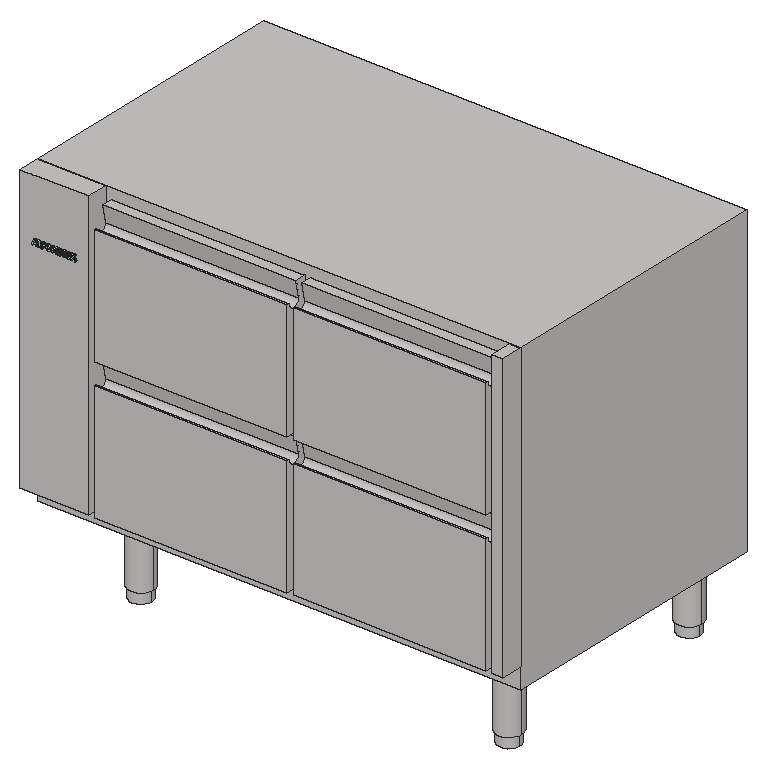
Revit family "QF_ALPENINOX_712127_AK2R8BB", category Specialty Equipment, Revit 2018
Family settings
  Round Connector Dimension = Use Diameter
  Part Type = Normal
  Work Plane-Based = No
  Always vertical = Yes
  Cut with Voids When Loaded = No
  Shared = No
  Room Calculation Point = No
Parameters
  Weight = 0.00 kg
  Watts = 2.78709 W
  Volts = 220 V
  URL Manufacturer = "http://www.alpeninox.com"
  URL = "http://www.alpeninox.com"
  Steam Supply Size = 0 mm
  Steam Supply Minimum Pressure = 0.0 Pa
  Steam Supply Maximum Pressure = 0.0 Pa
  Steam Pounds per Hour = 0
  Refrigeration Suction Line Size = 0 mm
  Refrigeration Liquid Line Size = 0 mm
  Refrigerant Compressor Remote = yes
  Manufacturer = "Alpeninox"
  Phase = 1
  Model = "AK2R8BB"
  Length Actual = 1103 mm  # constant formula
  Length = 1103 mm
  Item Number = "712127"
  Hot Water Size = 0 mm
  Height Actual = 850 mm  # constant formula
  Height = 700 mm
  HP = "0 HP"
  Gas Size = 0 mm
  Gas KW = 0
  Gas Input Pressure = 0 W
  Depth Actual = 700 mm  # constant formula
  Depth = 695 mm
  Description = "4x½ DRAWER REFRIGER. TABLE -2C REM NO TOP"
  Cycle = 60 Hz
  Condensate Return Size = 0 mm
  Compressed Air Volume = 0.0 L/s
  Compressed Air Size = 0 mm
  Compressed Air Pressure = 0.0 Pa
  Cold Water Size = 0 mm
  Accessory = yes
Reference planes
  plane 1: z = 0
  plane 2 "Center (Left/Right)": x = -124.5
  plane 3 "Center (Front/Back)": y = 64.5
  plane 4 "FEET": z = 150
  plane 5 "TOP": z = 900
  plane 6 "PLAIN": z = 850
  plane 7 "EI_back": y = 359
  plane 8 "EI_left": x = -610
  plane 9 "BACK": y = 412
  plane 10 "FRONT": y = -283
  plane 11 "DOOR": y = -233
  plane 12 "LEFT": x = -676
  plane 13 "RIGHT": x = 427
  plane 14: x = -651
  plane 15: x = 402
  plane 16 "RO_left": x = -636
  plane 17 "RI_left": x = -584
  plane 18 "RO_back": y = 375.5
  plane 19 "RI_back": y = 375.5
  plane 20 "DRAINleft": x = -610
  plane 21 "DRAINback": y = 164
Forms (mm)
  Extrusion 1, solid, material "QF_Finishes_Stainless Steel"
    sketch origin (-1022.223, -1524, 150) x (-1, 0, 0) y (0, -1, 0)
      loop
        circle (-412.223, -1883) r 5
    from 0 to -40
  Extrusion 2, solid, material "QF_Finishes_Stainless Steel"
    sketch origin (-1022.223, -1524, 150) x (-1, 0, 0) y (0, -1, 0)
      loop
        line (-1424.223, -1291) -> (-1424.223, -1241) -> (-1449.223, -1241) -> (-1449.223, -1291) -> (-1424.223, -1291)
    from 48 to 700 <- "Height"
  Extrusion 3, solid, material "QF_Finishes_Stainless Steel"
    sketch origin (-1022.223, -1524, 150) x (-1, 0, 0) y (0, -1, 0)
      loop
        circle (-386.223, -1899.5) r 4.25
    from 0 to -20
  Extrusion 4, solid, material "QF_Finishes_Stainless Steel"
    sketch origin (-1022.223, -1524, 150) x (-1, 0, 0) y (0, -1, 0)
      loop
        circle (-438.223, -1899.5) r 4
    from 0 to -20
  Extrusion 5, solid, material "QF_Finishes_Stainless Steel"
    sketch origin (-1022.223, -1524, 150) x (-1, 0, 0) y (0, -1, 0)
      loop
        circle (-412.223, -1688) r 8.5
    from 0 to -40
  Extrusion 6, solid, material "QF_Finishes_Stainless Steel"
    sketch origin (-1022.223, -1524, 150) x (-1, 0, 0) y (0, -1, 0)
      loop
        line (-346.223, -1936) -> (-346.223, -1291) -> (-1449.223, -1291) -> (-1449.223, -1936) -> (-346.223, -1936)
    from 0 to 700 <- "Height"
Lines and regions (mm)
  symbolic lines, style "SpecialityEquipmentHiddenLines"
    curve 1: line (-676, 412, 150) -> (427, 412, 150)
    curve 2: line (-676, -283, 150) -> (-676, 412, 150)
    curve 3: line (427, -283, 150) -> (-676, -283, 150)
    curve 4: line (427, 412, 150) -> (427, -283, 150)
    curve 5: line (-676, -233, 150) -> (427, -233, 150)
    curve 6: line (402, -233, 150) -> (402, -283, 150)
Dimensions and locks
  plane 4 "FEET" to level = 150 mm
  plane 11 "DOOR" to plane 10 "FRONT" = 50 mm
  "Height": plane 6 "PLAIN" to plane 4 "FEET"
  plane 5 "TOP" to plane 6 "PLAIN" = 50 mm
  plane 12 "LEFT" to plane 14 = 25 mm
  plane 15 to plane 13 "RIGHT" = 25 mm
  plane 9 "BACK" to plane 18 "RO_back" = 36.5 mm
  plane 9 "BACK" to plane 7 "EI_back" = 53 mm
  plane 9 "BACK" to plane 19 "RI_back" = 36.5 mm
  plane 9 "BACK" to plane 21 "DRAINback" = 248 mm
  plane 12 "LEFT" to plane 20 "DRAINleft" = 66 mm
  plane 12 "LEFT" to plane 8 "EI_left" = 66 mm
  plane 12 "LEFT" to plane 17 "RI_left" = 92 mm
  plane 12 "LEFT" to plane 16 "RO_left" = 40 mm
  "Depth": plane 9 "BACK" to plane 10 "FRONT"
  equal spacing: plane 9 "BACK", plane 3 "Center (Front/Back)", plane 10 "FRONT"
  "Length": plane 12 "LEFT" to plane 13 "RIGHT"
  equal spacing: plane 12 "LEFT", plane 2 "Center (Left/Right)", plane 13 "RIGHT"
  aligned and locked: level to plane 1
Automatic sketch dimensions
  Extrusion 1 sketch curve to plane 7 "EI_back" = 0 mm
  Extrusion 1 sketch curve to plane 8 "EI_left" = 0 mm
  Extrusion 2 sketch curve to plane 11 "DOOR" = 0 mm
  Extrusion 2 sketch curve to plane 13 "RIGHT" = 0 mm
  Extrusion 2 sketch curve to plane 10 "FRONT" = 0 mm
  Extrusion 2 sketch curve to plane 15 = 0 mm
  Extrusion 3 sketch curve to plane 16 "RO_left" = 0 mm
  Extrusion 3 sketch curve to plane 18 "RO_back" = 0 mm
  Extrusion 4 sketch curve to plane 17 "RI_left" = 0 mm
  Extrusion 4 sketch curve to plane 19 "RI_back" = 0 mm
  Extrusion 5 sketch curve to plane 20 "DRAINleft" = 0 mm
  Extrusion 5 sketch curve to plane 21 "DRAINback" = 0 mm
  Extrusion 6 sketch curve to plane 9 "BACK" = 0 mm
  Extrusion 6 sketch curve to plane 13 "RIGHT" = 0 mm
  Extrusion 6 sketch curve to plane 11 "DOOR" = 0 mm
  Extrusion 6 sketch curve to plane 12 "LEFT" = 0 mm
  curve 1 to plane 13 "RIGHT" = 0 mm
  curve 6 to plane 15 = 0 mm
  curve 5 to plane 11 "DOOR" = 0 mm
  curve 5 to plane 12 "LEFT" = 0 mm
  curve 6 to plane 10 "FRONT" = 0 mm
  curve 1 to plane 9 "BACK" = 0 mm
  radius of Extrusion 1 sketch curve = 5 mm
  radius of Extrusion 3 sketch curve = 4.25 mm
  radius of Extrusion 4 sketch curve = 4 mm
  radius of Extrusion 5 sketch curve = 8.5 mm
Nested families
  nested 1: "Refrigerator" at (427, -283, 0), type "Refrigerator"
  nested 2: "FEET" at (-480, 331, 0), type "FEET"
  nested 3: "FEET" at (361, 331, 0), type "FEET"
  nested 4: "FEET" at (-480, -183, 0), type "FEET"
  nested 5: "FEET" at (361, -183, 0), type "FEET"
  nested 6: "APX_REM_TN_L" at (-519.08, -233, 598) x (1, 0, 0) z (0, -1, 0), type "APX_REM_TN_L"
    with Show Logo yes
  nested 7: "APX_HALF" at (-286, -233, 512) x (1, 0, 0) z (0, -1, 0), type "APX_HALF"
    with Show Clearance yes
  nested 8: "APX_HALF" at (168, -233, 512) x (1, 0, 0) z (0, -1, 0), type "APX_HALF"
    with Show Clearance yes
Connectors
  electrical at (-610, 359, 110), driven by "Volts"
    settings: on Extrusion 1, index 1, voltage 220 V, apparent load 0 VA, apparent load phase1 0 VA, apparent load phase2 0 VA, apparent load phase3 0 VA, power factor 1, load classification "Other", number of poles 1, system type 31, power factor state 1, is connector primary yes, connector utility no, sub classification motor no, connector description "Electrical Connection"
  piping at (-636, 375.5, 130), diameter 9.5
    settings: on Extrusion 3, index 3, connector inside diameter 609.6 mm, connector length 0 mm, flow factor 0, pipe flow 0.0 L/s, pressure drop 0.0 Pa, fitting loss kfactor 0, connector angle 0.00°, fixture units 0, engagement length 0 mm, angle of deflection 0.00°, flow configuration 1, flow direction 2, fitting loss method 0, system type 8, joint type 0, gender type 0, connector reference index -1, connector utility 0, adjustable connector no, is connector primary yes, connector description "Refrigerant Outlet"
  piping at (-584, 375.5, 130), diameter 8
    settings: on Extrusion 4, index 4, connector inside diameter 609.6 mm, connector length 0 mm, flow factor 0, pipe flow 0.0 L/s, pressure drop 0.0 Pa, fitting loss kfactor 0, connector angle 0.00°, fixture units 0, engagement length 0 mm, angle of deflection 0.00°, flow configuration 1, flow direction 1, fitting loss method 0, system type 7, joint type 0, gender type 0, connector reference index -1, connector utility 0, adjustable connector no, is connector primary no, connector description "Refrigerant Inlet"
  piping at (-610, 164, 110), diameter 17
    settings: on Extrusion 5, index 5, connector inside diameter 609.6 mm, connector length 0 mm, flow factor 0, pipe flow 0.0 L/s, pressure drop 0.0 Pa, fitting loss kfactor 0, connector angle 0.00°, fixture units 0, engagement length 0 mm, angle of deflection 0.00°, flow configuration 1, flow direction 2, fitting loss method 0, system type 16, joint type 0, gender type 0, connector reference index -1, connector utility 0, adjustable connector no, is connector primary no, connector description "Drain"
Definition of nested family "FEET"
  Parameters
    FEET = 150 mm
  Reference planes
    plane 1 "Center (Front/Back)": y = 0
    plane 2: z = 0
    plane 3 "Center (Left/Right)": x = 0
    plane 4: z = 150
  Forms (mm)
    Revolve 1, solid
      sketch origin (255.05, 0, 608.09) x (0, 0, 1) y (-1, 0, 0)
        loop
          line (-608.09, 255.05) -> (-608.09, 230.05) -> (-583.09, 230.05) -> (-583.09, 226.05) -> (-458.09, 226.05) -> (-458.09, 255.05) -> (-608.09, 255.05)
        axis (-608.09, 255.05) -> (-458.09, 255.05)
      angle from 0 to 360
  Dimensions and locks
    locked: Revolve 1 sketch curve to Revolve 1 sketch curve at 125
    "FEET": plane 4 to plane 2
    aligned and locked: level to plane 2
    aligned and locked: plane 4 to Revolve 1 sketch curve
    aligned and locked: Revolve 1 sketch curve to level
    aligned and locked: plane 3 "Center (Left/Right)" to Revolve 1 sketch curve
  Automatic sketch dimensions
    Revolve 1 sketch curve to plane 3 "Center (Left/Right)" = 0 mm
    Revolve 1 sketch curve to Revolve 1 sketch curve = 25 mm
    Revolve 1 sketch curve to Revolve 1 sketch curve = 29 mm
    plane 4 to Revolve 1 sketch curve = 50 mm
    Revolve 1 sketch curve to Revolve 1 sketch curve = 20 mm
Definition of nested family "APX_REM_TN_L"
  Parameters
    Show Logo [instance] = yes
    Default Elevation = 1219.2 mm
  Reference planes
    plane 1 "Centro (Fronte/Retro)": y = -74
    plane 2: z = 0
    plane 3 "Centro (Sinistra/Destra)": x = -78.92
  Forms (mm)
    Extrusion 1, solid
      sketch origin (0, 0, 0) x (1, 0, 0) y (0, 1, 0)
        loop
          line (-1219.2, 1219.2) -> (-1219.2, -1219.2) -> (1219.2, -1219.2) -> (1219.2, 1219.2) -> (-1219.2, 1219.2)
      from 0 to -304.8
    Extrusion 2, solid
      sketch origin (1.08, 0, 0) x (1, 0, 0) y (0, 1, 0)
        loop
          line (-158, 252) -> (-158, -400) -> (-2, -400) -> (-2, 252) -> (-158, 252)
      from 0 to 50
    Extrusion 3, solid
      sketch origin (44.22, -49.023, 0) x (1, 0, 0) y (0, 1, 0)
        loop
          line (-168.675, 170.349) -> (-172.411, 160.318)
          arc (-172.411, 160.318) -> (-171.624, 158.497) -> (-169.837, 159.36) r 1.374
          line (-169.837, 159.36) -> (-169.268, 161.111) -> (-164.1, 161.111) -> (-163.54, 159.379)
          arc (-163.54, 159.379) -> (-161.802, 158.542) -> (-161.049, 160.318) r 1.333
          line (-161.049, 160.318) -> (-164.694, 170.349)
          arc (-164.694, 170.349) -> (-166.685, 171.876) -> (-168.675, 170.349) r 2.06
        loop
          line (-166.681, 169.055) -> (-168.469, 163.655) -> (-164.935, 163.655) -> (-166.681, 169.055)
        loop
          arc (-159.705, 160.042) -> (-159.262, 158.973) -> (-158.194, 158.531) r 1.512
          line (-158.194, 158.531) -> (-153.608, 158.531)
          arc (-153.608, 158.531) -> (-152.337, 159.802) -> (-153.608, 161.074) r 1.272
          line (-153.608, 161.074) -> (-156.917, 161.074) -> (-156.917, 170.328)
          arc (-156.917, 170.328) -> (-158.311, 171.722) -> (-159.705, 170.328) r 1.394
          line (-159.705, 170.328) -> (-159.705, 160.042)
        loop
          line (-151.076, 170.218) -> (-151.076, 159.859)
          arc (-151.076, 159.859) -> (-149.683, 158.466) -> (-148.29, 159.859) r 1.393
          line (-148.29, 159.859) -> (-148.29, 162.882) -> (-146.225, 162.882)
          arc (-146.225, 162.882) -> (-142.999, 163.859) -> (-141.608, 166.928) r 4.082
          arc (-141.608, 166.928) -> (-142.993, 170.272) -> (-146.336, 171.657) r 4.728
          line (-146.336, 171.657) -> (-149.638, 171.657)
          arc (-149.638, 171.657) -> (-150.655, 171.235) -> (-151.076, 170.218) r 1.439
        loop
          line (-148.29, 165.313) -> (-146.388, 165.313)
          arc (-146.388, 165.313) -> (-144.433, 167.268) -> (-146.388, 169.222) r 1.955
          line (-146.388, 169.222) -> (-148.29, 169.222) -> (-148.29, 165.313)
        loop
          arc (-131.184, 166.332) -> (-132.004, 168.2) -> (-133.767, 169.228) r 3.3
          arc (-133.767, 169.228) -> (-136.353, 168.661) -> (-137.611, 166.332) r 3.176
          line (-137.611, 166.332) -> (-131.184, 166.332)
        loop
          line (-137.538, 163.743) -> (-130.544, 163.743)
          arc (-130.544, 163.743) -> (-129.292, 163.916) -> (-128.301, 164.701) r 2.4
          arc (-128.301, 164.701) -> (-128.155, 165.545) -> (-128.212, 166.399) r 3.635
          arc (-128.212, 166.399) -> (-130.364, 170.162) -> (-134.39, 171.769) r 6.579
          arc (-134.39, 171.769) -> (-138.918, 169.706) -> (-140.661, 165.044) r 6.501
          arc (-140.661, 165.044) -> (-139.276, 160.789) -> (-135.401, 158.549) r 6.252
          arc (-135.401, 158.549) -> (-132.922, 158.526) -> (-130.544, 159.232) r 8.361
          arc (-130.544, 159.232) -> (-129.466, 159.781) -> (-128.641, 160.666) r 3.486
          arc (-128.641, 160.666) -> (-128.419, 161.592) -> (-128.828, 162.451) r 1.425
          arc (-128.828, 162.451) -> (-129.368, 162.762) -> (-129.99, 162.762) r 1.203
          arc (-129.99, 162.762) -> (-130.406, 162.59) -> (-130.764, 162.316) r 1.724
          arc (-130.764, 162.316) -> (-131.666, 161.705) -> (-132.646, 161.229) r 7.6
          arc (-132.646, 161.229) -> (-135.676, 161.35) -> (-137.538, 163.743) r 3.6
        loop
          line (-126.669, 170.328) -> (-126.669, 159.859)
          arc (-126.669, 159.859) -> (-125.273, 158.463) -> (-123.878, 159.859) r 1.396
          line (-123.878, 159.859) -> (-123.878, 166.785) -> (-117.946, 159.029)
          arc (-117.946, 159.029) -> (-116.361, 158.51) -> (-115.379, 159.859) r 1.417
          line (-115.379, 159.859) -> (-115.379, 170.328)
          arc (-115.379, 170.328) -> (-116.774, 171.723) -> (-118.169, 170.328) r 1.395
          line (-118.169, 170.328) -> (-118.169, 163.311) -> (-124.101, 171.157)
          arc (-124.101, 171.157) -> (-125.687, 171.678) -> (-126.669, 170.328) r 1.418
        loop
          arc (-113.636, 159.859) -> (-112.241, 158.464) -> (-110.847, 159.859) r 1.394
          line (-110.847, 159.859) -> (-110.847, 170.328)
          arc (-110.847, 170.328) -> (-112.241, 171.723) -> (-113.636, 170.328) r 1.394
          line (-113.636, 170.328) -> (-113.636, 159.859)
        loop
          line (-109.102, 170.328) -> (-109.102, 159.859)
          arc (-109.102, 159.859) -> (-107.706, 158.463) -> (-106.31, 159.859) r 1.396
          line (-106.31, 159.859) -> (-106.31, 166.785) -> (-100.378, 159.029)
          arc (-100.378, 159.029) -> (-98.793, 158.51) -> (-97.812, 159.859) r 1.417
          line (-97.812, 159.859) -> (-97.812, 170.328)
          arc (-97.812, 170.328) -> (-99.207, 171.723) -> (-100.602, 170.328) r 1.395
          line (-100.602, 170.328) -> (-100.602, 163.311) -> (-106.533, 171.157)
          arc (-106.533, 171.157) -> (-108.119, 171.678) -> (-109.102, 170.328) r 1.418
        loop
          arc (-96.345, 165.093) -> (-95.619, 161.877) -> (-93.467, 159.379) r 6.806
          arc (-93.467, 159.379) -> (-91.792, 158.566) -> (-89.948, 158.31) r 5.956
          arc (-89.948, 158.31) -> (-88.104, 158.566) -> (-86.43, 159.379) r 5.956
          arc (-86.43, 159.379) -> (-84.277, 161.877) -> (-83.551, 165.093) r 6.806
          arc (-83.551, 165.093) -> (-84.277, 168.31) -> (-86.43, 170.808) r 6.806
          arc (-86.43, 170.808) -> (-88.104, 171.621) -> (-89.948, 171.877) r 5.956
          arc (-89.948, 171.877) -> (-91.792, 171.621) -> (-93.467, 170.808) r 5.956
          arc (-93.467, 170.808) -> (-95.619, 168.31) -> (-96.345, 165.093) r 6.806
        loop
          arc (-93.425, 165.093) -> (-93.138, 163.212) -> (-92.081, 161.629) r 4.387
          arc (-92.081, 161.629) -> (-91.087, 161.049) -> (-89.948, 160.881) r 3.035
          arc (-89.948, 160.881) -> (-88.809, 161.049) -> (-87.815, 161.629) r 3.035
          arc (-87.815, 161.629) -> (-86.759, 163.212) -> (-86.472, 165.093) r 4.387
          arc (-86.472, 165.093) -> (-86.759, 166.975) -> (-87.815, 168.558) r 4.387
          arc (-87.815, 168.558) -> (-88.809, 169.138) -> (-89.948, 169.306) r 3.035
          arc (-89.948, 169.306) -> (-91.087, 169.138) -> (-92.081, 168.558) r 3.035
          arc (-92.081, 168.558) -> (-93.138, 166.975) -> (-93.425, 165.093) r 4.387
        loop
          line (-82.843, 169.609) -> (-79.829, 165.552) -> (-83.513, 160.652)
          arc (-83.513, 160.652) -> (-83.216, 158.692) -> (-81.262, 159.029) r 1.388
          line (-81.262, 159.029) -> (-78.213, 163.232) -> (-75.164, 159.029)
          arc (-75.164, 159.029) -> (-73.211, 158.692) -> (-72.913, 160.652) r 1.388
          line (-72.913, 160.652) -> (-76.597, 165.552) -> (-73.584, 169.609)
          arc (-73.584, 169.609) -> (-73.952, 171.597) -> (-75.908, 171.084) r 1.38
          line (-75.908, 171.084) -> (-78.213, 167.841) -> (-80.519, 171.084)
          arc (-80.519, 171.084) -> (-82.474, 171.597) -> (-82.843, 169.609) r 1.38
      from 50 to 51.6
  Lines and regions (mm)
    Split face 1
      outline origin (1.08, 0, 50) x (1, 0, 0) y (0, 1, 0)
        loop
          line (-2, 188) -> (-158, 188)
    Split face 2
      outline origin (1.08, 0, 50) x (1, 0, 0) y (0, 1, 0)
        loop
          line (-158, 178) -> (-2, 178)
    Split face 3
      outline origin (1.08, 0, 50) x (1, 0, 0) y (0, 1, 0)
        loop
          line (-2, 104) -> (-158, 104)
    Split face 4
      outline origin (1.08, 0, 50) x (1, 0, 0) y (0, 1, 0)
        loop
          line (-2, 94) -> (-158, 94)
    Split face 5
      outline origin (1.08, 0, 50) x (1, 0, 0) y (0, 1, 0)
        loop
          line (-110, 163.931) -> (-110, 134.412) -> (-50, 134.412) -> (-50, 163.931) -> (-110, 163.931)
    Split face 6
      outline origin (1.08, 0, 50) x (1, 0, 0) y (0, 1, 0)
        loop
          line (-70, 160.931) -> (-70, 137.412) -> (-53, 137.412) -> (-53, 160.931) -> (-70, 160.931)
    symbolic lines
      curve 1: line (-2, -74, 50) -> (-2, -74, 0)
  Dimensions and locks
    equal spacing: Extrusion 2, plane 3 "Centro (Sinistra/Destra)", Extrusion 2
    equal spacing: Extrusion 2, plane 1 "Centro (Fronte/Retro)", Extrusion 2
    aligned and locked: plane 2 to Extrusion 1
    aligned and locked: level to Extrusion 1
  Automatic sketch dimensions
    curve 1 to level = 0 mm
    plane 3 "Centro (Sinistra/Destra)" to curve 1 = 76.92 mm
    curve 1 to curve 1 = 50 mm
    Extrusion 1 sketch curve to Extrusion 1 sketch curve = 2438.4 mm  (x2)
    Extrusion 2 sketch curve to plane 3 "Centro (Sinistra/Destra)" = 78 mm
    plane 3 "Centro (Sinistra/Destra)" to Extrusion 2 sketch curve = 78 mm
    plane 1 "Centro (Fronte/Retro)" to Extrusion 2 sketch curve = 326 mm
    Extrusion 2 sketch curve to plane 1 "Centro (Fronte/Retro)" = 326 mm
    Extrusion 3 sketch curve to plane 3 "Centro (Sinistra/Destra)" = 49.27 mm
    Extrusion 3 sketch curve to Extrusion 3 sketch curve = 1.266 mm
    Extrusion 3 sketch curve to Extrusion 3 sketch curve = 1.307 mm
    Extrusion 3 sketch curve to Extrusion 3 sketch curve = 0.57 mm
    Extrusion 3 sketch curve to Extrusion 3 sketch curve = 0.593 mm
    Extrusion 3 sketch curve to Extrusion 3 sketch curve = 0.799 mm
    Extrusion 3 sketch curve to Extrusion 3 sketch curve = 1.99 mm  (x2)
    Extrusion 3 sketch curve to Extrusion 3 sketch curve = 0.003 mm
    Extrusion 3 sketch curve to Extrusion 3 sketch curve = 3.534 mm
    Extrusion 3 sketch curve to Extrusion 3 sketch curve = 0.835 mm
    Extrusion 3 sketch curve to Extrusion 3 sketch curve = 0.56 mm
    Extrusion 3 sketch curve to Extrusion 3 sketch curve = 1.268 mm
    Extrusion 3 sketch curve to Extrusion 3 sketch curve = 1.223 mm
    Extrusion 3 sketch curve to Extrusion 3 sketch curve = 1.344 mm
    Extrusion 3 sketch curve to Extrusion 3 sketch curve = 1.394 mm  (x2)
    Extrusion 3 sketch curve to Extrusion 3 sketch curve = 1.512 mm
    Extrusion 3 sketch curve to Extrusion 3 sketch curve = 3.309 mm
    Extrusion 3 sketch curve to Extrusion 3 sketch curve = 5.841 mm
    Extrusion 3 sketch curve to Extrusion 3 sketch curve = 1.393 mm
    Extrusion 3 sketch curve to Extrusion 3 sketch curve = 1.439 mm
    Extrusion 3 sketch curve to Extrusion 3 sketch curve = 0 mm  (x19)
    Extrusion 3 sketch curve to Extrusion 3 sketch curve = 1.902 mm
    Extrusion 3 sketch curve to Extrusion 3 sketch curve = 0.052 mm
    Extrusion 3 sketch curve to Extrusion 3 sketch curve = 2.065 mm
    Extrusion 3 sketch curve to Extrusion 3 sketch curve = 0.647 mm
    Extrusion 3 sketch curve to Extrusion 3 sketch curve = 8.079 mm
    Extrusion 3 sketch curve to Extrusion 3 sketch curve = 0.073 mm
    Extrusion 3 sketch curve to Extrusion 3 sketch curve = 2.145 mm
    Extrusion 3 sketch curve to Extrusion 3 sketch curve = 2.931 mm
    Extrusion 3 sketch curve to Extrusion 3 sketch curve = 0.213 mm
    Extrusion 3 sketch curve to Extrusion 3 sketch curve = 0.026 mm
    Extrusion 3 sketch curve to Extrusion 3 sketch curve = 0.263 mm
    Extrusion 3 sketch curve to Extrusion 3 sketch curve = 0.516 mm
    Extrusion 3 sketch curve to Extrusion 3 sketch curve = 0.356 mm
    Extrusion 3 sketch curve to Extrusion 3 sketch curve = 0.387 mm
    Extrusion 3 sketch curve to Extrusion 3 sketch curve = 2.378 mm
    Extrusion 3 sketch curve to Extrusion 3 sketch curve = 2.466 mm
    Extrusion 3 sketch curve to Extrusion 3 sketch curve = 0.602 mm
    Extrusion 3 sketch curve to Extrusion 3 sketch curve = 1.02 mm
    Extrusion 3 sketch curve to Extrusion 3 sketch curve = 0.949 mm
    Extrusion 3 sketch curve to Extrusion 3 sketch curve = 1.728 mm
    Extrusion 3 sketch curve to Extrusion 3 sketch curve = 0.157 mm  (x2)
    Extrusion 3 sketch curve to Extrusion 3 sketch curve = 0.292 mm
    Extrusion 3 sketch curve to plane 3 "Centro (Sinistra/Destra)" = 3.529 mm
    Extrusion 3 sketch curve to Extrusion 3 sketch curve = 1.396 mm  (x2)
    Extrusion 3 sketch curve to Extrusion 3 sketch curve = 1.418 mm  (x2)
    Extrusion 3 sketch curve to plane 3 "Centro (Sinistra/Destra)" = 0.96 mm
    plane 3 "Centro (Sinistra/Destra)" to Extrusion 3 sketch curve = 4.971 mm
    Extrusion 3 sketch curve to Extrusion 3 sketch curve = 0.224 mm  (x2)
    Extrusion 3 sketch curve to Extrusion 3 sketch curve = 1.149 mm  (x2)
    Extrusion 3 sketch curve to Extrusion 3 sketch curve = 1.395 mm  (x2)
    Extrusion 3 sketch curve to Extrusion 3 sketch curve = 1.744 mm
    Extrusion 3 sketch curve to Extrusion 3 sketch curve = 1.745 mm
    Extrusion 3 sketch curve to Extrusion 3 sketch curve = 1.151 mm
    Extrusion 3 sketch curve to Extrusion 3 sketch curve = 5.709 mm
    Extrusion 3 sketch curve to Extrusion 3 sketch curve = 6.963 mm
    Extrusion 3 sketch curve to Extrusion 3 sketch curve = 0.493 mm  (x3)
    Extrusion 3 sketch curve to Extrusion 3 sketch curve = 0.273 mm  (x2)
    Extrusion 3 sketch curve to Extrusion 3 sketch curve = 0.021 mm  (x2)
    Extrusion 3 sketch curve to Extrusion 3 sketch curve = 0.226 mm  (x2)
    Extrusion 3 sketch curve to Extrusion 3 sketch curve = 0.268 mm  (x2)
    Extrusion 3 sketch curve to Extrusion 3 sketch curve = 0.294 mm
    Extrusion 3 sketch curve to Extrusion 3 sketch curve = 5.534 mm
    Extrusion 3 sketch curve to Extrusion 3 sketch curve = 6.205 mm
    Extrusion 3 sketch curve to Extrusion 3 sketch curve = 1.109 mm  (x2)
    Extrusion 3 sketch curve to Extrusion 3 sketch curve = 1.108 mm  (x2)
    Extrusion 3 sketch curve to Extrusion 3 sketch curve = 1.142 mm  (x2)
    Extrusion 3 sketch curve to Extrusion 3 sketch curve = 1.216 mm  (x2)
    Extrusion 3 sketch curve to Extrusion 3 sketch curve = 3.013 mm
    Extrusion 3 sketch curve to Extrusion 3 sketch curve = 1.616 mm  (x3)
    Extrusion 3 sketch curve to Extrusion 3 sketch curve = 2.305 mm
    Extrusion 3 sketch curve to Extrusion 3 sketch curve = 3.049 mm
    Extrusion 3 sketch curve to plane 1 "Centro (Fronte/Retro)" = 183.508 mm
    Extrusion 3 sketch curve to Extrusion 3 sketch curve = 0.498 mm
    Extrusion 3 sketch curve to Extrusion 3 sketch curve = 0.682 mm
    Extrusion 3 sketch curve to Extrusion 3 sketch curve = 0.664 mm
    Extrusion 3 sketch curve to Extrusion 3 sketch curve = 0.425 mm
    Extrusion 3 sketch curve to Extrusion 3 sketch curve = 0.41 mm
    Extrusion 3 sketch curve to Extrusion 3 sketch curve = 1.272 mm
    Extrusion 3 sketch curve to Extrusion 3 sketch curve = 0.789 mm  (x2)
    Extrusion 3 sketch curve to Extrusion 3 sketch curve = 0.056 mm
    Extrusion 3 sketch curve to Extrusion 3 sketch curve = 0.83 mm
    Extrusion 3 sketch curve to Extrusion 3 sketch curve = 1.238 mm
    Extrusion 3 sketch curve to Extrusion 3 sketch curve = 1.732 mm
    Extrusion 3 sketch curve to Extrusion 3 sketch curve = 0.346 mm
    Extrusion 3 sketch curve to Extrusion 3 sketch curve = 1.123 mm
    Extrusion 3 sketch curve to Extrusion 3 sketch curve = 3.023 mm
    Extrusion 3 sketch curve to Extrusion 3 sketch curve = 4.203 mm
    Extrusion 3 sketch curve to Extrusion 3 sketch curve = 3.452 mm  (x2)
    Extrusion 3 sketch curve to Extrusion 3 sketch curve = 2.544 mm
    Extrusion 3 sketch curve to Extrusion 3 sketch curve = 1.177 mm
    Extrusion 3 sketch curve to Extrusion 3 sketch curve = 3.261 mm
    Extrusion 3 sketch curve to Extrusion 3 sketch curve = 0.352 mm  (x2)
    Extrusion 3 sketch curve to Extrusion 3 sketch curve = 1.987 mm
    Extrusion 3 sketch curve to Extrusion 3 sketch curve = 0.171 mm
    Extrusion 3 sketch curve to Extrusion 3 sketch curve = 0.533 mm  (x3)
    Extrusion 3 sketch curve to Extrusion 3 sketch curve = 0.14 mm  (x4)
    Extrusion 3 sketch curve to Extrusion 3 sketch curve = 0.473 mm
    Extrusion 3 sketch curve to Extrusion 3 sketch curve = 0.31 mm  (x2)
    Extrusion 3 sketch curve to Extrusion 3 sketch curve = 0.075 mm
    Extrusion 3 sketch curve to Extrusion 3 sketch curve = 2.431 mm
    Extrusion 3 sketch curve to Extrusion 3 sketch curve = 2.32 mm  (x2)
    Extrusion 3 sketch curve to Extrusion 3 sketch curve = 1.992 mm
    Extrusion 3 sketch curve to Extrusion 3 sketch curve = 0.674 mm
    Extrusion 3 sketch curve to Extrusion 3 sketch curve = 0.732 mm
    Extrusion 3 sketch curve to Extrusion 3 sketch curve = 0.388 mm
    Extrusion 3 sketch curve to Extrusion 3 sketch curve = 0.121 mm
    Extrusion 3 sketch curve to Extrusion 3 sketch curve = 2.589 mm
    Extrusion 3 sketch curve to Extrusion 3 sketch curve = 0.662 mm
    Extrusion 3 sketch curve to Extrusion 3 sketch curve = 3.473 mm
    Extrusion 3 sketch curve to Extrusion 3 sketch curve = 0.681 mm
    Extrusion 3 sketch curve to Extrusion 3 sketch curve = 1.615 mm
    Extrusion 3 sketch curve to Extrusion 3 sketch curve = 0.34 mm
    Extrusion 3 sketch curve to Extrusion 3 sketch curve = 2.288 mm
    Extrusion 3 sketch curve to Extrusion 3 sketch curve = 0.942 mm
    Extrusion 3 sketch curve to Extrusion 3 sketch curve = 5.4 mm
    Extrusion 3 sketch curve to Extrusion 3 sketch curve = 1.768 mm  (x2)
    Extrusion 3 sketch curve to Extrusion 3 sketch curve = 0.761 mm
    Extrusion 3 sketch curve to Extrusion 3 sketch curve = 0.996 mm
    Extrusion 3 sketch curve to Extrusion 3 sketch curve = 3.543 mm  (x2)
    Extrusion 3 sketch curve to Extrusion 3 sketch curve = 7.017 mm
    Extrusion 3 sketch curve to Extrusion 3 sketch curve = 0.11 mm
    Extrusion 3 sketch curve to Extrusion 3 sketch curve = 0.823 mm  (x2)
    Extrusion 3 sketch curve to Extrusion 3 sketch curve = 0.947 mm
    Extrusion 3 sketch curve to Extrusion 3 sketch curve = 3.837 mm
    Extrusion 3 sketch curve to Extrusion 3 sketch curve = 0.623 mm
    Extrusion 3 sketch curve to Extrusion 3 sketch curve = 1.082 mm
    Extrusion 3 sketch curve to Extrusion 3 sketch curve = 0.801 mm
    Extrusion 3 sketch curve to Extrusion 3 sketch curve = 1 mm
    Extrusion 3 sketch curve to Extrusion 3 sketch curve = 0.089 mm
    Extrusion 3 sketch curve to Extrusion 3 sketch curve = 4.257 mm
    Extrusion 3 sketch curve to Extrusion 3 sketch curve = 4.345 mm  (x2)
    Extrusion 3 sketch curve to Extrusion 3 sketch curve = 2.576 mm
    Extrusion 3 sketch curve to Extrusion 3 sketch curve = 1.385 mm  (x4)
    Extrusion 3 sketch curve to Extrusion 3 sketch curve = 2.133 mm  (x4)
    Extrusion 3 sketch curve to Extrusion 3 sketch curve = 3.518 mm
    Extrusion 3 sketch curve to Extrusion 3 sketch curve = 5.603 mm
    Extrusion 3 sketch curve to Extrusion 3 sketch curve = 2.571 mm
    Split face 1 sketch curve to Extrusion 2 = 0 mm  (x2)
    Split face 1 sketch curve to Extrusion 2 = 64 mm
    Split face 2 sketch curve to Extrusion 2 = 0 mm
    Split face 2 sketch curve to Extrusion 2 = 74 mm
    Extrusion 2 to Split face 2 sketch curve = 0 mm
    Split face 3 sketch curve to Extrusion 2 = 0 mm  (x2)
    Split face 3 sketch curve to Extrusion 2 = 148 mm
    Split face 4 sketch curve to Extrusion 2 = 0 mm  (x2)
    Split face 4 sketch curve to Extrusion 2 = 158 mm
    Split face 5 sketch curve to Extrusion 2 = 48 mm  (x2)
    Split face 5 sketch curve to Extrusion 2 = 117.588 mm
    Split face 5 sketch curve to Split face 5 sketch curve = 29.518 mm
    Split face 6 sketch curve to Extrusion 2 = 68 mm
    Split face 6 sketch curve to Split face 6 sketch curve = 17 mm
    Split face 6 sketch curve to Extrusion 2 = 114.588 mm
    Split face 6 sketch curve to Split face 6 sketch curve = 23.518 mm
Definition of nested family "APX_HALF"
  Parameters
    Show Clearance [instance] = yes
    Default Elevation = 1219.2 mm
  Reference planes
    plane 1 "Center (Front/Back)": y = 0
    plane 2: z = 0
    plane 3 "Center (Left/Right)": x = 0
    plane 4: x = -234
    plane 5: x = 234
    plane 6: z = 618
  Forms (mm)
    Extrusion 1, solid
      sketch origin (0, 0, 0) x (1, 0, 0) y (0, 1, 0)
        loop
          line (-1219.2, 1219.2) -> (-1219.2, -1219.2) -> (1219.2, -1219.2) -> (1219.2, 1219.2) -> (-1219.2, 1219.2)
      from 0 to -304.8
    Extrusion 2, solid
      sketch origin (0, 0, 0) x (0, 1, 0) y (0, 0, 1)
        loop
          line (314, 0) -> (314, 26) -> (274.395, 17)
          arc (274.395, 17) -> (260.395, 31) -> (274.395, 45) r 14
          line (274.395, 45) -> (274.395, 50) -> (5, 50) -> (5, 0) -> (314, 0)
        loop
          line (-5, 0) -> (-5, 26) -> (-44.605, 17)
          arc (-44.605, 17) -> (-58.605, 31) -> (-44.605, 45) r 14
          line (-44.605, 45) -> (-44.605, 50) -> (-314, 50) -> (-314, 0) -> (-5, 0)
      from -220 to 220
    Extrusion 3, solid, visible <- "Show Clearance", detail levels coarse
      sketch origin (0, 0, 512) x (0, 1, 0) y (0, 0, 1)
        loop
          line (-314, 106) -> (-314, -462) -> (-5, -462) -> (-5, 82) -> (-44.605, 73)
          arc (-44.605, 73) -> (-58.605, 87) -> (-44.605, 101) r 14
          line (-44.605, 101) -> (-44.605, 106) -> (-314, 106)
        loop
          line (314, -462) -> (314, 82) -> (274.395, 73)
          arc (274.395, 73) -> (260.395, 87) -> (274.395, 101) r 14
          line (274.395, 101) -> (274.395, 106) -> (5, 106) -> (5, -462) -> (314, -462)
      from -220 to 220
  Lines and regions (mm)
    symbolic lines
      curve 1: line (220, 0, 139.793) -> (-220, 0, 139.793)
      curve 2: line (220, 0, 174.793) -> (-220, 0, 174.793)
      curve 3: line (220, 0, 259.793) -> (-220, 0, 259.793)
      curve 4: line (220, 0, 294.793) -> (-220, 0, 294.793)
      curve 5: line (191.424, 0, 139.793) -> (191.424, 0, 54.793)
      curve 6: line (-190, 0, 139.793) -> (-190, 0, 54.793)
      curve 7: line (191.424, 0, 259.793) -> (191.424, 0, 174.793)
      curve 8: line (-190, 0, 259.793) -> (-190, 0, 174.793)
      curve 9: line (220, 0, 259.793) -> (220, 0, 294.793)
      curve 10: line (-220, 0, 259.793) -> (-220, 0, 294.793)
      curve 11: line (220, 0, 139.793) -> (220, 0, 174.793)
      curve 12: line (-220, 0, 139.793) -> (-220, 0, 174.793)
  Dimensions and locks
    plane 4 to plane 3 "Center (Left/Right)" to plane 5 = 234 mm locked, 234 mm locked
    plane 6 to level = 618 mm
    aligned and locked: plane 2 to Extrusion 1
    aligned and locked: level to Extrusion 1
Definition of nested family "Refrigerator"
  Reference planes
    plane 1 "Center (Front/Back)": y = 0
    plane 2: z = 0
    plane 3 "Center (Left/Right)": x = 0
  Lines and regions (mm)
    detail lines, in view "Ref. Level"
      curve 1: spline (-500, 190, 0) -> (-493.185, 166.706, 0) -> (-473.205, 145, 0) -> (-441.421, 126.36, 0) -> (-400, 112.058, 0) -> (-351.764, 103.067, 0) -> (-300, 100, 0) -> (-248.236, 103.067, 0) -> (-200, 112.058, 0) -> (-158.579, 126.36, 0) -> (-126.795, 145, 0) -> (-106.815, 166.706, 0) -> (-100, 190, 0) -> (-106.815, 213.294, 0) -> (-126.795, 235, 0) -> (-158.579, 253.64, 0) -> (-200, 267.942, 0) -> (-248.236, 276.933, 0) -> (-300, 280, 0) -> (-351.764, 276.933, 0) -> (-400, 267.942, 0) -> (-441.421, 253.64, 0) -> (-473.205, 235, 0) -> (-493.185, 213.294, 0) -> (-500, 190, 0)
      curve 2: line (-300, 130, 0) -> (-300, 250, 0)
      curve 3: line (-351.962, 220, 0) -> (-248.038, 160, 0)
      curve 4: line (-351.962, 160, 0) -> (-248.038, 220, 0)
      curve 5: line (-280.884, 246.873, 0) -> (-300, 225, 0)
      curve 6: line (-300, 225, 0) -> (-319.116, 246.873, 0)
      curve 7: line (-330.311, 207.5, 0) -> (-339.696, 234.992, 0)
      curve 8: line (-358.812, 201.882, 0) -> (-330.311, 207.5, 0)
      curve 9: line (-330.311, 172.5, 0) -> (-358.812, 178.118, 0)
      curve 10: line (-339.696, 145.008, 0) -> (-330.311, 172.5, 0)
      curve 11: line (-300, 155, 0) -> (-319.116, 133.127, 0)
      curve 12: line (-280.884, 133.127, 0) -> (-300, 155, 0)
      curve 13: line (-269.689, 172.5, 0) -> (-260.304, 145.008, 0)
      curve 14: line (-241.188, 178.118, 0) -> (-269.689, 172.5, 0)
      curve 15: line (-269.689, 207.5, 0) -> (-241.188, 201.882, 0)
      curve 16: line (-260.304, 234.992, 0) -> (-269.689, 207.5, 0)
